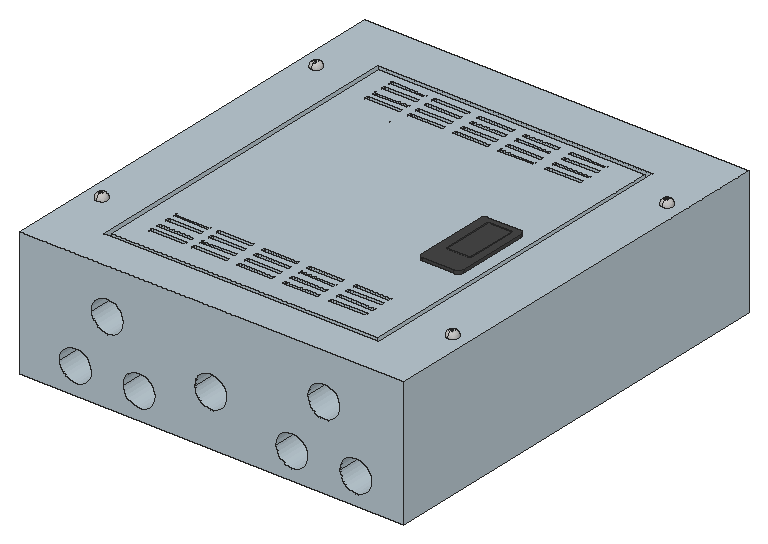
Revit family "3455A_NX_Area_Controller", category Communication Devices, host Face, Revit 2021
Family settings
  Host = Face
  Maintain Annotation Orientation = No
  Round Connector Dimension = Use Diameter
  Part Type = Normal
  OmniClass Number = 23.85.80.11.27
  OmniClass Title = Lighting Controls
  Cut with Voids When Loaded = No
  Shared = Yes
  Room Calculation Point = No
Parameters
  Warranty = "5-Years Warranty"  # constant formula
  Operating Voltage = 120 V
  Type Comments = "Area Controller"  # constant formula
  Product Page URL = ""
  Product Documentation Link = ""
  URL = "https://www.currentlighting.com/nxlightingcontrols"
  Model = "NX Area Controller"  # constant formula
  Manufacturer = " NX Lighting Controls"  # constant formula
  Width = 12.00"
  Washer = Metal-Galvanized_Steel
  Height = 13.50"
  Handle = Metal-Nickel
  Features = "• Real-time programming and monitoring of the NX Distributed\r\nIntelligence Lighting Control System\r\n• No software required—built-in web server provides connection via any\r\nInternet Explorer®-compatible browser\r\n• Local or remote access via the local network or Internet\r\n• Connect multiple users at once\r\n• Integrates NX Lighting Control System and Building Automation\r\nSystem (BAS) via BACnet IP\r\n• Supports 128 areas, 128 zones per area\r\n• NEMA enclosure with locking door\r\n• Five-year limited warranty\r\n• Delivers simplified configuration and control of  Lighting\r\nluminaires using SpectraSync™ color tuning technology"
  Description = "The NX Area Controller provides a simple interface to the NX Distributed Intelligence™ Lighting Control Platform via a personal computer."  # constant formula
  Default Elevation = 48.00"
  Copyright = "Copyright ©  NX Lighting Controls"  # constant formula
  Contact Us = ""
  Housing Material = Metal-Aluminum
  Construction = "NEMA1 metal enclosure"
  Assembly Code = "D5090"
Reference planes (in)
  plane 1 "Center (Front/Back)": y = 10.63342
  plane 2: z = 0
  plane 3 "Center (Left/Right)": x = 0
  plane 4: x = 6
  plane 5: x = -6
  plane 6: y = 3.88342
  plane 7: y = 17.38342
Forms (in)
  Extrusion 1, solid, material "Metal-Aluminum" <- "Housing Material"
    sketch origin (0, 0, 0) x (1, 0, 0) y (0, 1, 0)
      loop
        line (-6, 17.38342) -> (-6, 3.88342) -> (6, 3.88342) -> (6, 17.38342) -> (-6, 17.38342)
    from 0 to 4
  Extrusion 2, void
    sketch origin (0, 0, 0) x (1, 0, 0) y (0, 1, 0)
      loop
        arc (-3.54437, 15.08714) -> (-3.56303, 15.07941) -> (-3.57076, 15.06075) r 0.02639
        line (-3.57076, 15.06075) -> (-3.57076, 14.9965)
        arc (-3.57076, 14.9965) -> (-3.56154, 14.97422) -> (-3.53926, 14.965) r 0.0315
        line (-3.53926, 14.965) -> (-2.50227, 14.965)
        arc (-2.50227, 14.965) -> (-2.47999, 14.97422) -> (-2.47076, 14.9965) r 0.0315
        line (-2.47076, 14.9965) -> (-2.47076, 15.06075)
        arc (-2.47076, 15.06075) -> (-2.4785, 15.07941) -> (-2.49716, 15.08714) r 0.02639
        line (-2.49716, 15.08714) -> (-3.54437, 15.08714)
      loop
        arc (-3.54437, 14.74339) -> (-3.56303, 14.73566) -> (-3.57076, 14.717) r 0.02639
        line (-3.57076, 14.717) -> (-3.57076, 14.65275)
        arc (-3.57076, 14.65275) -> (-3.56154, 14.63047) -> (-3.53926, 14.62125) r 0.0315
        line (-3.53926, 14.62125) -> (-2.50227, 14.62125)
        arc (-2.50227, 14.62125) -> (-2.47999, 14.63047) -> (-2.47076, 14.65275) r 0.0315
        line (-2.47076, 14.65275) -> (-2.47076, 14.717)
        arc (-2.47076, 14.717) -> (-2.4785, 14.73566) -> (-2.49716, 14.74339) r 0.02639
        line (-2.49716, 14.74339) -> (-3.54437, 14.74339)
      loop
        arc (-3.54437, 14.4407) -> (-3.56303, 14.43297) -> (-3.57076, 14.41431) r 0.02639
        line (-3.57076, 14.41431) -> (-3.57076, 14.35006)
        arc (-3.57076, 14.35006) -> (-3.56154, 14.32778) -> (-3.53926, 14.31856) r 0.0315
        line (-3.53926, 14.31856) -> (-2.50227, 14.31856)
        arc (-2.50227, 14.31856) -> (-2.47999, 14.32778) -> (-2.47076, 14.35006) r 0.0315
        line (-2.47076, 14.35006) -> (-2.47076, 14.41431)
        arc (-2.47076, 14.41431) -> (-2.4785, 14.43297) -> (-2.49716, 14.4407) r 0.02639
        line (-2.49716, 14.4407) -> (-3.54437, 14.4407)
      loop
        arc (-3.54437, 15.38983) -> (-3.56303, 15.3821) -> (-3.57076, 15.36344) r 0.02639
        line (-3.57076, 15.36344) -> (-3.57076, 15.29919)
        arc (-3.57076, 15.29919) -> (-3.56154, 15.27691) -> (-3.53926, 15.26769) r 0.0315
        line (-3.53926, 15.26769) -> (-2.50227, 15.26769)
        arc (-2.50227, 15.26769) -> (-2.47999, 15.27691) -> (-2.47076, 15.29919) r 0.0315
        line (-2.47076, 15.29919) -> (-2.47076, 15.36344)
        arc (-2.47076, 15.36344) -> (-2.4785, 15.3821) -> (-2.49716, 15.38983) r 0.02639
        line (-2.49716, 15.38983) -> (-3.54437, 15.38983)
      loop
        arc (-2.20062, 15.08714) -> (-2.21928, 15.07941) -> (-2.22701, 15.06075) r 0.02639
        line (-2.22701, 15.06075) -> (-2.22701, 14.9965)
        arc (-2.22701, 14.9965) -> (-2.21779, 14.97422) -> (-2.19551, 14.965) r 0.0315
        line (-2.19551, 14.965) -> (-1.15852, 14.965)
        arc (-1.15852, 14.965) -> (-1.13624, 14.97422) -> (-1.12701, 14.9965) r 0.0315
        line (-1.12701, 14.9965) -> (-1.12701, 15.06075)
        arc (-1.12701, 15.06075) -> (-1.13475, 15.07941) -> (-1.15341, 15.08714) r 0.02639
        line (-1.15341, 15.08714) -> (-2.20062, 15.08714)
      loop
        arc (-2.20062, 14.74339) -> (-2.21928, 14.73566) -> (-2.22701, 14.717) r 0.02639
        line (-2.22701, 14.717) -> (-2.22701, 14.65275)
        arc (-2.22701, 14.65275) -> (-2.21779, 14.63047) -> (-2.19551, 14.62125) r 0.0315
        line (-2.19551, 14.62125) -> (-1.15852, 14.62125)
        arc (-1.15852, 14.62125) -> (-1.13624, 14.63047) -> (-1.12701, 14.65275) r 0.0315
        line (-1.12701, 14.65275) -> (-1.12701, 14.717)
        arc (-1.12701, 14.717) -> (-1.13475, 14.73566) -> (-1.15341, 14.74339) r 0.02639
        line (-1.15341, 14.74339) -> (-2.20062, 14.74339)
      loop
        arc (-2.20062, 14.4407) -> (-2.21928, 14.43297) -> (-2.22701, 14.41431) r 0.02639
        line (-2.22701, 14.41431) -> (-2.22701, 14.35006)
        arc (-2.22701, 14.35006) -> (-2.21779, 14.32778) -> (-2.19551, 14.31856) r 0.0315
        line (-2.19551, 14.31856) -> (-1.15852, 14.31856)
        arc (-1.15852, 14.31856) -> (-1.13624, 14.32778) -> (-1.12701, 14.35006) r 0.0315
        line (-1.12701, 14.35006) -> (-1.12701, 14.41431)
        arc (-1.12701, 14.41431) -> (-1.13475, 14.43297) -> (-1.15341, 14.4407) r 0.02639
        line (-1.15341, 14.4407) -> (-2.20062, 14.4407)
      loop
        arc (-2.20062, 15.38983) -> (-2.21928, 15.3821) -> (-2.22701, 15.36344) r 0.02639
        line (-2.22701, 15.36344) -> (-2.22701, 15.29919)
        arc (-2.22701, 15.29919) -> (-2.21779, 15.27691) -> (-2.19551, 15.26769) r 0.0315
        line (-2.19551, 15.26769) -> (-1.15852, 15.26769)
        arc (-1.15852, 15.26769) -> (-1.13624, 15.27691) -> (-1.12701, 15.29919) r 0.0315
        line (-1.12701, 15.29919) -> (-1.12701, 15.36344)
        arc (-1.12701, 15.36344) -> (-1.13475, 15.3821) -> (-1.15341, 15.38983) r 0.02639
        line (-1.15341, 15.38983) -> (-2.20062, 15.38983)
      loop
        arc (-0.78868, 15.08714) -> (-0.80735, 15.07941) -> (-0.81508, 15.06075) r 0.02639
        line (-0.81508, 15.06075) -> (-0.81508, 14.9965)
        arc (-0.81508, 14.9965) -> (-0.80585, 14.97422) -> (-0.78358, 14.965) r 0.0315
        line (-0.78358, 14.965) -> (0.25342, 14.965)
        arc (0.25342, 14.965) -> (0.27569, 14.97422) -> (0.28492, 14.9965) r 0.0315
        line (0.28492, 14.9965) -> (0.28492, 15.06075)
        arc (0.28492, 15.06075) -> (0.27719, 15.07941) -> (0.25853, 15.08714) r 0.02639
        line (0.25853, 15.08714) -> (-0.78868, 15.08714)
      loop
        arc (-0.78868, 14.74339) -> (-0.80735, 14.73566) -> (-0.81508, 14.717) r 0.02639
        line (-0.81508, 14.717) -> (-0.81508, 14.65275)
        arc (-0.81508, 14.65275) -> (-0.80585, 14.63047) -> (-0.78358, 14.62125) r 0.0315
        line (-0.78358, 14.62125) -> (0.25342, 14.62125)
        arc (0.25342, 14.62125) -> (0.27569, 14.63047) -> (0.28492, 14.65275) r 0.0315
        line (0.28492, 14.65275) -> (0.28492, 14.717)
        arc (0.28492, 14.717) -> (0.27719, 14.73566) -> (0.25853, 14.74339) r 0.02639
        line (0.25853, 14.74339) -> (-0.78868, 14.74339)
      loop
        arc (-0.78868, 14.4407) -> (-0.80735, 14.43297) -> (-0.81508, 14.41431) r 0.02639
        line (-0.81508, 14.41431) -> (-0.81508, 14.35006)
        arc (-0.81508, 14.35006) -> (-0.80585, 14.32778) -> (-0.78358, 14.31856) r 0.0315
        line (-0.78358, 14.31856) -> (0.25342, 14.31856)
        arc (0.25342, 14.31856) -> (0.27569, 14.32778) -> (0.28492, 14.35006) r 0.0315
        line (0.28492, 14.35006) -> (0.28492, 14.41431)
        arc (0.28492, 14.41431) -> (0.27719, 14.43297) -> (0.25853, 14.4407) r 0.02639
        line (0.25853, 14.4407) -> (-0.78868, 14.4407)
      loop
        arc (-0.78868, 15.38983) -> (-0.80735, 15.3821) -> (-0.81508, 15.36344) r 0.02639
        line (-0.81508, 15.36344) -> (-0.81508, 15.29919)
        arc (-0.81508, 15.29919) -> (-0.80585, 15.27691) -> (-0.78358, 15.26769) r 0.0315
        line (-0.78358, 15.26769) -> (0.25342, 15.26769)
        arc (0.25342, 15.26769) -> (0.27569, 15.27691) -> (0.28492, 15.29919) r 0.0315
        line (0.28492, 15.29919) -> (0.28492, 15.36344)
        arc (0.28492, 15.36344) -> (0.27719, 15.3821) -> (0.25853, 15.38983) r 0.02639
        line (0.25853, 15.38983) -> (-0.78868, 15.38983)
      loop
        arc (0.63084, 15.08714) -> (0.61218, 15.07941) -> (0.60445, 15.06075) r 0.02639
        line (0.60445, 15.06075) -> (0.60445, 14.9965)
        arc (0.60445, 14.9965) -> (0.61367, 14.97422) -> (0.63595, 14.965) r 0.0315
        line (0.63595, 14.965) -> (1.67294, 14.965)
        arc (1.67294, 14.965) -> (1.69522, 14.97422) -> (1.70445, 14.9965) r 0.0315
        line (1.70445, 14.9965) -> (1.70445, 15.06075)
        arc (1.70445, 15.06075) -> (1.69672, 15.07941) -> (1.67805, 15.08714) r 0.02639
        line (1.67805, 15.08714) -> (0.63084, 15.08714)
      loop
        arc (0.63084, 14.74339) -> (0.61218, 14.73566) -> (0.60445, 14.717) r 0.02639
        line (0.60445, 14.717) -> (0.60445, 14.65275)
        arc (0.60445, 14.65275) -> (0.61367, 14.63047) -> (0.63595, 14.62125) r 0.0315
        line (0.63595, 14.62125) -> (1.67294, 14.62125)
        arc (1.67294, 14.62125) -> (1.69522, 14.63047) -> (1.70445, 14.65275) r 0.0315
        line (1.70445, 14.65275) -> (1.70445, 14.717)
        arc (1.70445, 14.717) -> (1.69672, 14.73566) -> (1.67805, 14.74339) r 0.02639
        line (1.67805, 14.74339) -> (0.63084, 14.74339)
      loop
        arc (0.63084, 14.4407) -> (0.61218, 14.43297) -> (0.60445, 14.41431) r 0.02639
        line (0.60445, 14.41431) -> (0.60445, 14.35006)
        arc (0.60445, 14.35006) -> (0.61367, 14.32778) -> (0.63595, 14.31856) r 0.0315
        line (0.63595, 14.31856) -> (1.67294, 14.31856)
        arc (1.67294, 14.31856) -> (1.69522, 14.32778) -> (1.70445, 14.35006) r 0.0315
        line (1.70445, 14.35006) -> (1.70445, 14.41431)
        arc (1.70445, 14.41431) -> (1.69672, 14.43297) -> (1.67805, 14.4407) r 0.02639
        line (1.67805, 14.4407) -> (0.63084, 14.4407)
      loop
        arc (0.63084, 15.38983) -> (0.61218, 15.3821) -> (0.60445, 15.36344) r 0.02639
        line (0.60445, 15.36344) -> (0.60445, 15.29919)
        arc (0.60445, 15.29919) -> (0.61367, 15.27691) -> (0.63595, 15.26769) r 0.0315
        line (0.63595, 15.26769) -> (1.67294, 15.26769)
        arc (1.67294, 15.26769) -> (1.69522, 15.27691) -> (1.70445, 15.29919) r 0.0315
        line (1.70445, 15.29919) -> (1.70445, 15.36344)
        arc (1.70445, 15.36344) -> (1.69672, 15.3821) -> (1.67805, 15.38983) r 0.02639
        line (1.67805, 15.38983) -> (0.63084, 15.38983)
      loop
        arc (2.09512, 15.08714) -> (2.07646, 15.07941) -> (2.06873, 15.06075) r 0.02639
        line (2.06873, 15.06075) -> (2.06873, 14.9965)
        arc (2.06873, 14.9965) -> (2.07796, 14.97422) -> (2.10023, 14.965) r 0.0315
        line (2.10023, 14.965) -> (3.16848, 14.965)
        arc (3.16848, 14.965) -> (3.19075, 14.97422) -> (3.19998, 14.9965) r 0.0315
        line (3.19998, 14.9965) -> (3.19998, 15.06075)
        arc (3.19998, 15.06075) -> (3.19225, 15.07941) -> (3.17358, 15.08714) r 0.02639
        line (3.17358, 15.08714) -> (2.09512, 15.08714)
      loop
        arc (2.09512, 14.74339) -> (2.07646, 14.73566) -> (2.06873, 14.717) r 0.02639
        line (2.06873, 14.717) -> (2.06873, 14.65275)
        arc (2.06873, 14.65275) -> (2.07796, 14.63047) -> (2.10023, 14.62125) r 0.0315
        line (2.10023, 14.62125) -> (3.16848, 14.62125)
        arc (3.16848, 14.62125) -> (3.19075, 14.63047) -> (3.19998, 14.65275) r 0.0315
        line (3.19998, 14.65275) -> (3.19998, 14.717)
        arc (3.19998, 14.717) -> (3.19225, 14.73566) -> (3.17358, 14.74339) r 0.02639
        line (3.17358, 14.74339) -> (2.09512, 14.74339)
      loop
        arc (2.09512, 14.4407) -> (2.07646, 14.43297) -> (2.06873, 14.41431) r 0.02639
        line (2.06873, 14.41431) -> (2.06873, 14.35006)
        arc (2.06873, 14.35006) -> (2.07796, 14.32778) -> (2.10023, 14.31856) r 0.0315
        line (2.10023, 14.31856) -> (3.16848, 14.31856)
        arc (3.16848, 14.31856) -> (3.19075, 14.32778) -> (3.19998, 14.35006) r 0.0315
        line (3.19998, 14.35006) -> (3.19998, 14.41431)
        arc (3.19998, 14.41431) -> (3.19225, 14.43297) -> (3.17358, 14.4407) r 0.02639
        line (3.17358, 14.4407) -> (2.09512, 14.4407)
      loop
        arc (2.09512, 15.38983) -> (2.07646, 15.3821) -> (2.06873, 15.36344) r 0.02639
        line (2.06873, 15.36344) -> (2.06873, 15.29919)
        arc (2.06873, 15.29919) -> (2.07796, 15.27691) -> (2.10023, 15.26769) r 0.0315
        line (2.10023, 15.26769) -> (3.16848, 15.26769)
        arc (3.16848, 15.26769) -> (3.19075, 15.27691) -> (3.19998, 15.29919) r 0.0315
        line (3.19998, 15.29919) -> (3.19998, 15.36344)
        arc (3.19998, 15.36344) -> (3.19225, 15.3821) -> (3.17358, 15.38983) r 0.02639
        line (3.17358, 15.38983) -> (2.09512, 15.38983)
      loop
        line (-3.54437, 6.1797) -> (-2.49716, 6.1797)
        arc (-2.49716, 6.1797) -> (-2.4785, 6.18743) -> (-2.47076, 6.20609) r 0.02639
        line (-2.47076, 6.20609) -> (-2.47076, 6.27034)
        arc (-2.47076, 6.27034) -> (-2.47999, 6.29261) -> (-2.50227, 6.30184) r 0.0315
        line (-2.50227, 6.30184) -> (-3.53926, 6.30184)
        arc (-3.53926, 6.30184) -> (-3.56154, 6.29261) -> (-3.57076, 6.27034) r 0.0315
        line (-3.57076, 6.27034) -> (-3.57076, 6.20609)
        arc (-3.57076, 6.20609) -> (-3.56303, 6.18743) -> (-3.54437, 6.1797) r 0.02639
      loop
        line (-3.54437, 6.52345) -> (-2.49716, 6.52345)
        arc (-2.49716, 6.52345) -> (-2.4785, 6.53118) -> (-2.47076, 6.54984) r 0.02639
        line (-2.47076, 6.54984) -> (-2.47076, 6.61409)
        arc (-2.47076, 6.61409) -> (-2.47999, 6.63636) -> (-2.50227, 6.64559) r 0.0315
        line (-2.50227, 6.64559) -> (-3.53926, 6.64559)
        arc (-3.53926, 6.64559) -> (-3.56154, 6.63636) -> (-3.57076, 6.61409) r 0.0315
        line (-3.57076, 6.61409) -> (-3.57076, 6.54984)
        arc (-3.57076, 6.54984) -> (-3.56303, 6.53118) -> (-3.54437, 6.52345) r 0.02639
      loop
        line (-3.54437, 6.82613) -> (-2.49716, 6.82613)
        arc (-2.49716, 6.82613) -> (-2.4785, 6.83387) -> (-2.47076, 6.85253) r 0.02639
        line (-2.47076, 6.85253) -> (-2.47076, 6.91678)
        arc (-2.47076, 6.91678) -> (-2.47999, 6.93905) -> (-2.50227, 6.94828) r 0.0315
        line (-2.50227, 6.94828) -> (-3.53926, 6.94828)
        arc (-3.53926, 6.94828) -> (-3.56154, 6.93905) -> (-3.57076, 6.91678) r 0.0315
        line (-3.57076, 6.91678) -> (-3.57076, 6.85253)
        arc (-3.57076, 6.85253) -> (-3.56303, 6.83387) -> (-3.54437, 6.82613) r 0.02639
      loop
        line (-3.54437, 5.87701) -> (-2.49716, 5.87701)
        arc (-2.49716, 5.87701) -> (-2.4785, 5.88474) -> (-2.47076, 5.9034) r 0.02639
        line (-2.47076, 5.9034) -> (-2.47076, 5.96765)
        arc (-2.47076, 5.96765) -> (-2.47999, 5.98993) -> (-2.50227, 5.99915) r 0.0315
        line (-2.50227, 5.99915) -> (-3.53926, 5.99915)
        arc (-3.53926, 5.99915) -> (-3.56154, 5.98993) -> (-3.57076, 5.96765) r 0.0315
        line (-3.57076, 5.96765) -> (-3.57076, 5.9034)
        arc (-3.57076, 5.9034) -> (-3.56303, 5.88474) -> (-3.54437, 5.87701) r 0.02639
      loop
        line (-2.20062, 6.1797) -> (-1.15341, 6.1797)
        arc (-1.15341, 6.1797) -> (-1.13475, 6.18743) -> (-1.12701, 6.20609) r 0.02639
        line (-1.12701, 6.20609) -> (-1.12701, 6.27034)
        arc (-1.12701, 6.27034) -> (-1.13624, 6.29261) -> (-1.15852, 6.30184) r 0.0315
        line (-1.15852, 6.30184) -> (-2.19551, 6.30184)
        arc (-2.19551, 6.30184) -> (-2.21779, 6.29261) -> (-2.22701, 6.27034) r 0.0315
        line (-2.22701, 6.27034) -> (-2.22701, 6.20609)
        arc (-2.22701, 6.20609) -> (-2.21928, 6.18743) -> (-2.20062, 6.1797) r 0.02639
      loop
        line (-2.20062, 6.52345) -> (-1.15341, 6.52345)
        arc (-1.15341, 6.52345) -> (-1.13475, 6.53118) -> (-1.12701, 6.54984) r 0.02639
        line (-1.12701, 6.54984) -> (-1.12701, 6.61409)
        arc (-1.12701, 6.61409) -> (-1.13624, 6.63636) -> (-1.15852, 6.64559) r 0.0315
        line (-1.15852, 6.64559) -> (-2.19551, 6.64559)
        arc (-2.19551, 6.64559) -> (-2.21779, 6.63636) -> (-2.22701, 6.61409) r 0.0315
        line (-2.22701, 6.61409) -> (-2.22701, 6.54984)
        arc (-2.22701, 6.54984) -> (-2.21928, 6.53118) -> (-2.20062, 6.52345) r 0.02639
      loop
        line (-2.20062, 6.82613) -> (-1.15341, 6.82613)
        arc (-1.15341, 6.82613) -> (-1.13475, 6.83387) -> (-1.12701, 6.85253) r 0.02639
        line (-1.12701, 6.85253) -> (-1.12701, 6.91678)
        arc (-1.12701, 6.91678) -> (-1.13624, 6.93905) -> (-1.15852, 6.94828) r 0.0315
        line (-1.15852, 6.94828) -> (-2.19551, 6.94828)
        arc (-2.19551, 6.94828) -> (-2.21779, 6.93905) -> (-2.22701, 6.91678) r 0.0315
        line (-2.22701, 6.91678) -> (-2.22701, 6.85253)
        arc (-2.22701, 6.85253) -> (-2.21928, 6.83387) -> (-2.20062, 6.82613) r 0.02639
      loop
        line (-2.20062, 5.87701) -> (-1.15341, 5.87701)
        arc (-1.15341, 5.87701) -> (-1.13475, 5.88474) -> (-1.12701, 5.9034) r 0.02639
        line (-1.12701, 5.9034) -> (-1.12701, 5.96765)
        arc (-1.12701, 5.96765) -> (-1.13624, 5.98993) -> (-1.15852, 5.99915) r 0.0315
        line (-1.15852, 5.99915) -> (-2.19551, 5.99915)
        arc (-2.19551, 5.99915) -> (-2.21779, 5.98993) -> (-2.22701, 5.96765) r 0.0315
        line (-2.22701, 5.96765) -> (-2.22701, 5.9034)
        arc (-2.22701, 5.9034) -> (-2.21928, 5.88474) -> (-2.20062, 5.87701) r 0.02639
      loop
        line (-0.78868, 6.1797) -> (0.25853, 6.1797)
        arc (0.25853, 6.1797) -> (0.27719, 6.18743) -> (0.28492, 6.20609) r 0.02639
        line (0.28492, 6.20609) -> (0.28492, 6.27034)
        arc (0.28492, 6.27034) -> (0.27569, 6.29261) -> (0.25342, 6.30184) r 0.0315
        line (0.25342, 6.30184) -> (-0.78358, 6.30184)
        arc (-0.78358, 6.30184) -> (-0.80585, 6.29261) -> (-0.81508, 6.27034) r 0.0315
        line (-0.81508, 6.27034) -> (-0.81508, 6.20609)
        arc (-0.81508, 6.20609) -> (-0.80735, 6.18743) -> (-0.78868, 6.1797) r 0.02639
      loop
        line (-0.78868, 6.52345) -> (0.25853, 6.52345)
        arc (0.25853, 6.52345) -> (0.27719, 6.53118) -> (0.28492, 6.54984) r 0.02639
        line (0.28492, 6.54984) -> (0.28492, 6.61409)
        arc (0.28492, 6.61409) -> (0.27569, 6.63636) -> (0.25342, 6.64559) r 0.0315
        line (0.25342, 6.64559) -> (-0.78358, 6.64559)
        arc (-0.78358, 6.64559) -> (-0.80585, 6.63636) -> (-0.81508, 6.61409) r 0.0315
        line (-0.81508, 6.61409) -> (-0.81508, 6.54984)
        arc (-0.81508, 6.54984) -> (-0.80735, 6.53118) -> (-0.78868, 6.52345) r 0.02639
      loop
        line (-0.78868, 6.82613) -> (0.25853, 6.82613)
        arc (0.25853, 6.82613) -> (0.27719, 6.83387) -> (0.28492, 6.85253) r 0.02639
        line (0.28492, 6.85253) -> (0.28492, 6.91678)
        arc (0.28492, 6.91678) -> (0.27569, 6.93905) -> (0.25342, 6.94828) r 0.0315
        line (0.25342, 6.94828) -> (-0.78358, 6.94828)
        arc (-0.78358, 6.94828) -> (-0.80585, 6.93905) -> (-0.81508, 6.91678) r 0.0315
        line (-0.81508, 6.91678) -> (-0.81508, 6.85253)
        arc (-0.81508, 6.85253) -> (-0.80735, 6.83387) -> (-0.78868, 6.82613) r 0.02639
      loop
        line (-0.78868, 5.87701) -> (0.25853, 5.87701)
        arc (0.25853, 5.87701) -> (0.27719, 5.88474) -> (0.28492, 5.9034) r 0.02639
        line (0.28492, 5.9034) -> (0.28492, 5.96765)
        arc (0.28492, 5.96765) -> (0.27569, 5.98993) -> (0.25342, 5.99915) r 0.0315
        line (0.25342, 5.99915) -> (-0.78358, 5.99915)
        arc (-0.78358, 5.99915) -> (-0.80585, 5.98993) -> (-0.81508, 5.96765) r 0.0315
        line (-0.81508, 5.96765) -> (-0.81508, 5.9034)
        arc (-0.81508, 5.9034) -> (-0.80735, 5.88474) -> (-0.78868, 5.87701) r 0.02639
      loop
        line (0.63084, 6.1797) -> (1.67805, 6.1797)
        arc (1.67805, 6.1797) -> (1.69672, 6.18743) -> (1.70445, 6.20609) r 0.02639
        line (1.70445, 6.20609) -> (1.70445, 6.27034)
        arc (1.70445, 6.27034) -> (1.69522, 6.29261) -> (1.67294, 6.30184) r 0.0315
        line (1.67294, 6.30184) -> (0.63595, 6.30184)
        arc (0.63595, 6.30184) -> (0.61367, 6.29261) -> (0.60445, 6.27034) r 0.0315
        line (0.60445, 6.27034) -> (0.60445, 6.20609)
        arc (0.60445, 6.20609) -> (0.61218, 6.18743) -> (0.63084, 6.1797) r 0.02639
      loop
        line (0.63084, 6.52345) -> (1.67805, 6.52345)
        arc (1.67805, 6.52345) -> (1.69672, 6.53118) -> (1.70445, 6.54984) r 0.02639
        line (1.70445, 6.54984) -> (1.70445, 6.61409)
        arc (1.70445, 6.61409) -> (1.69522, 6.63636) -> (1.67294, 6.64559) r 0.0315
        line (1.67294, 6.64559) -> (0.63595, 6.64559)
        arc (0.63595, 6.64559) -> (0.61367, 6.63636) -> (0.60445, 6.61409) r 0.0315
        line (0.60445, 6.61409) -> (0.60445, 6.54984)
        arc (0.60445, 6.54984) -> (0.61218, 6.53118) -> (0.63084, 6.52345) r 0.02639
      loop
        line (0.63084, 6.82613) -> (1.67805, 6.82613)
        arc (1.67805, 6.82613) -> (1.69672, 6.83387) -> (1.70445, 6.85253) r 0.02639
        line (1.70445, 6.85253) -> (1.70445, 6.91678)
        arc (1.70445, 6.91678) -> (1.69522, 6.93905) -> (1.67294, 6.94828) r 0.0315
        line (1.67294, 6.94828) -> (0.63595, 6.94828)
        arc (0.63595, 6.94828) -> (0.61367, 6.93905) -> (0.60445, 6.91678) r 0.0315
        line (0.60445, 6.91678) -> (0.60445, 6.85253)
        arc (0.60445, 6.85253) -> (0.61218, 6.83387) -> (0.63084, 6.82613) r 0.02639
      loop
        line (0.63084, 5.87701) -> (1.67805, 5.87701)
        arc (1.67805, 5.87701) -> (1.69672, 5.88474) -> (1.70445, 5.9034) r 0.02639
        line (1.70445, 5.9034) -> (1.70445, 5.96765)
        arc (1.70445, 5.96765) -> (1.69522, 5.98993) -> (1.67294, 5.99915) r 0.0315
        line (1.67294, 5.99915) -> (0.63595, 5.99915)
        arc (0.63595, 5.99915) -> (0.61367, 5.98993) -> (0.60445, 5.96765) r 0.0315
        line (0.60445, 5.96765) -> (0.60445, 5.9034)
        arc (0.60445, 5.9034) -> (0.61218, 5.88474) -> (0.63084, 5.87701) r 0.02639
      loop
        line (2.09512, 6.1797) -> (3.17358, 6.1797)
        arc (3.17358, 6.1797) -> (3.19225, 6.18743) -> (3.19998, 6.20609) r 0.02639
        line (3.19998, 6.20609) -> (3.19998, 6.27034)
        arc (3.19998, 6.27034) -> (3.19075, 6.29261) -> (3.16848, 6.30184) r 0.0315
        line (3.16848, 6.30184) -> (2.10023, 6.30184)
        arc (2.10023, 6.30184) -> (2.07796, 6.29261) -> (2.06873, 6.27034) r 0.0315
        line (2.06873, 6.27034) -> (2.06873, 6.20609)
        arc (2.06873, 6.20609) -> (2.07646, 6.18743) -> (2.09512, 6.1797) r 0.02639
      loop
        line (2.09512, 6.52345) -> (3.17358, 6.52345)
        arc (3.17358, 6.52345) -> (3.19225, 6.53118) -> (3.19998, 6.54984) r 0.02639
        line (3.19998, 6.54984) -> (3.19998, 6.61409)
        arc (3.19998, 6.61409) -> (3.19075, 6.63636) -> (3.16848, 6.64559) r 0.0315
        line (3.16848, 6.64559) -> (2.10023, 6.64559)
        arc (2.10023, 6.64559) -> (2.07796, 6.63636) -> (2.06873, 6.61409) r 0.0315
        line (2.06873, 6.61409) -> (2.06873, 6.54984)
        arc (2.06873, 6.54984) -> (2.07646, 6.53118) -> (2.09512, 6.52345) r 0.02639
      loop
        line (2.09512, 6.82613) -> (3.17358, 6.82613)
        arc (3.17358, 6.82613) -> (3.19225, 6.83387) -> (3.19998, 6.85253) r 0.02639
        line (3.19998, 6.85253) -> (3.19998, 6.91678)
        arc (3.19998, 6.91678) -> (3.19075, 6.93905) -> (3.16848, 6.94828) r 0.0315
        line (3.16848, 6.94828) -> (2.10023, 6.94828)
        arc (2.10023, 6.94828) -> (2.07796, 6.93905) -> (2.06873, 6.91678) r 0.0315
        line (2.06873, 6.91678) -> (2.06873, 6.85253)
        arc (2.06873, 6.85253) -> (2.07646, 6.83387) -> (2.09512, 6.82613) r 0.02639
      loop
        line (2.09512, 5.87701) -> (3.17358, 5.87701)
        arc (3.17358, 5.87701) -> (3.19225, 5.88474) -> (3.19998, 5.9034) r 0.02639
        line (3.19998, 5.9034) -> (3.19998, 5.96765)
        arc (3.19998, 5.96765) -> (3.19075, 5.98993) -> (3.16848, 5.99915) r 0.0315
        line (3.16848, 5.99915) -> (2.10023, 5.99915)
        arc (2.10023, 5.99915) -> (2.07796, 5.98993) -> (2.06873, 5.96765) r 0.0315
        line (2.06873, 5.96765) -> (2.06873, 5.9034)
        arc (2.06873, 5.9034) -> (2.07646, 5.88474) -> (2.09512, 5.87701) r 0.02639
    from 1.86848 to 4
  Extrusion 3, void
    sketch origin (0, 0, 0) x (1, 0, 0) y (0, 1, 0)
      loop
        line (-4.33569, 15.79709) -> (-4.33569, 5.05709) -> (4.28931, 5.05709) -> (4.28931, 15.79709) -> (-4.33569, 15.79709)
      loop
        line (-4.18569, 15.64709) -> (-4.18569, 5.20709) -> (4.13931, 5.20709) -> (4.13931, 15.64709) -> (-4.18569, 15.64709)
    from 3.8 to 4
  Revolve 4, solid, material "Metal-Galvanized_Steel" <- "Washer"
    sketch origin (-5.49589, 13.20879, 0.00038) x (0, 1, 0) y (0, 0, 1)
      loop
        arc (1.79709, 4) -> (1.62439, 4.17271) -> (1.45168, 4) r 0.17271
        line (1.45168, 4) -> (1.79709, 4)
      axis (1.79709, 4) -> (1.45168, 4)
    angle from 0 to 360
  Extrusion 5, void
    sketch origin (0, 0, 0) x (1, 0, 0) y (0, 1, 0)
      loop
        line (-5.56666, 14.89072) -> (-5.5339, 14.83398) -> (-5.59064, 14.80123) -> (-5.56429, 14.75559) -> (-5.50755, 14.78835) -> (-5.4748, 14.73161) -> (-5.42916, 14.75796) -> (-5.46192, 14.8147) -> (-5.40518, 14.84745) -> (-5.43153, 14.89309) -> (-5.48827, 14.86033) -> (-5.52102, 14.91707) -> (-5.56666, 14.89072)
    from 4.1 to 4.2
  Revolve 6, solid, material "Metal-Galvanized_Steel" <- "Washer"
    sketch origin (5.49589, 13.20879, 0.00038) x (0, 1, 0) y (0, 0, -1)
      loop
        line (1.79709, -4) -> (1.45168, -4)
        arc (1.45168, -4) -> (1.62439, -4.17271) -> (1.79709, -4) r 0.17271
      axis (1.79709, -4) -> (1.45168, -4)
    angle from 0 to 360
  Revolve 7, solid, material "Metal-Galvanized_Steel" <- "Washer"
    sketch origin (-5.49589, 12.81805, 0.00038) x (0, -1, 0) y (0, 0, -1)
      loop
        line (6.55709, -4) -> (6.21168, -4)
        arc (6.21168, -4) -> (6.38439, -4.17271) -> (6.55709, -4) r 0.17271
      axis (6.55709, -4) -> (6.21168, -4)
    angle from 0 to 360
  Extrusion 8, void
    sketch origin (0, 26.02684, 0) x (1, 0, 0) y (0, 1, 0)
      loop
        line (-5.56666, -19.65072) -> (-5.52102, -19.67707) -> (-5.48827, -19.62033) -> (-5.43153, -19.65309) -> (-5.40518, -19.60745) -> (-5.46192, -19.5747) -> (-5.42916, -19.51796) -> (-5.4748, -19.49161) -> (-5.50755, -19.54835) -> (-5.56429, -19.51559) -> (-5.59064, -19.56123) -> (-5.5339, -19.59398) -> (-5.56666, -19.65072)
    from 4.1 to 4.2
  Revolve 9, solid, material "Metal-Galvanized_Steel" <- "Washer"
    sketch origin (5.49589, 12.81805, 0.00038) x (0, -1, 0) y (0, 0, 1)
      loop
        arc (6.55709, 4) -> (6.38439, 4.17271) -> (6.21168, 4) r 0.17271
        line (6.21168, 4) -> (6.55709, 4)
      axis (6.55709, 4) -> (6.21168, 4)
    angle from 0 to 360
  Extrusion 10, void
    sketch origin (0, 26.02684, 0) x (-1, 0, 0) y (0, -1, 0)
      loop
        line (-5.56666, 19.65072) -> (-5.5339, 19.59398) -> (-5.59064, 19.56123) -> (-5.56429, 19.51559) -> (-5.50755, 19.54835) -> (-5.4748, 19.49161) -> (-5.42916, 19.51796) -> (-5.46192, 19.5747) -> (-5.40518, 19.60745) -> (-5.43153, 19.65309) -> (-5.48827, 19.62033) -> (-5.52102, 19.67707) -> (-5.56666, 19.65072)
    from 4.1 to 4.2
  Extrusion 11, solid, material "Metal-Nickel" <- "Handle"
    sketch origin (-1.3125, 0.0625, 0) x (1, 0, 0) y (0, 1, 0)
      loop
        arc (3.8865, 11.40475) -> (3.80072, 11.36922) -> (3.76519, 11.28345) r 0.1213
        line (3.76519, 11.28345) -> (3.76519, 8.98882)
        arc (3.76519, 8.98882) -> (3.81375, 8.8716) -> (3.93096, 8.82305) r 0.16577
        line (3.93096, 8.82305) -> (4.88092, 8.82305)
        arc (4.88092, 8.82305) -> (5.00475, 8.87434) -> (5.05605, 8.99818) r 0.17513
        line (5.05605, 8.99818) -> (5.05605, 11.2352)
        arc (5.05605, 11.2352) -> (5.00639, 11.35509) -> (4.8865, 11.40475) r 0.16955
        line (4.8865, 11.40475) -> (3.8865, 11.40475)
    from 4 to 4.08
  Extrusion 12, void
    sketch origin (1, 0, 0) x (1, 0, 0) y (0, 1, 0)
      loop
        line (2.49739, 9.66551) -> (2.49739, 11.23569)
        arc (2.49739, 11.23569) -> (2.48357, 11.26906) -> (2.4502, 11.28288) r 0.04719
        line (2.4502, 11.28288) -> (1.78642, 11.28288)
        arc (1.78642, 11.28288) -> (1.7544, 11.26961) -> (1.74114, 11.23759) r 0.04528
        line (1.74114, 11.23759) -> (1.74114, 9.66859)
        arc (1.74114, 9.66859) -> (1.75526, 9.6345) -> (1.78935, 9.62038) r 0.04822
        line (1.78935, 9.62038) -> (2.45226, 9.62038)
        arc (2.45226, 9.62038) -> (2.48417, 9.6336) -> (2.49739, 9.66551) r 0.04513
      loop
        line (1.75114, 11.23759) -> (1.75114, 9.66859)
        arc (1.75114, 9.66859) -> (1.76233, 9.64157) -> (1.78935, 9.63038) r 0.03822
        line (1.78935, 9.63038) -> (2.45226, 9.63038)
        arc (2.45226, 9.63038) -> (2.4771, 9.64067) -> (2.48739, 9.66551) r 0.03513
        line (2.48739, 9.66551) -> (2.48739, 11.23569)
        arc (2.48739, 11.23569) -> (2.4765, 11.26199) -> (2.4502, 11.27288) r 0.03719
        line (2.4502, 11.27288) -> (1.78642, 11.27288)
        arc (1.78642, 11.27288) -> (1.76147, 11.26254) -> (1.75114, 11.23759) r 0.03528
    from 4 to 4.08
  Sweep 13, solid, material "Metal-Aluminum" <- "Housing Material"
    path origin (1.25, 0, 0) x (1, 0, 0) y (0, 1, 0)
      loop
        line (-3.63069, 13.80709) -> (-3.63069, 6.80709)
    profile origin (-2.38069, 10.30709, 0) x (1, 0, 0) y (0, 0, 1)
      loop
        line (-0.08, 3.90677) -> (0.07, 3.90677)
        arc (0.07, 3.90677) -> (-0.005, 3.98177) -> (-0.08, 3.90677) r 0.075
  Extrusion 14, void
    sketch origin (0, 10.63342, 0) x (1, 0, 0) y (0, 0, 1)
      loop
        circle (-4.26554, 0.84218) r 0.5
      loop
        circle (-2.26554, 0.84218) r 0.5
      loop
        circle (-3.26554, 2.57423) r 0.5
      loop
        circle (4.51554, 0.84218) r 0.5
      loop
        circle (2.51554, 0.84218) r 0.5
      loop
        circle (3.51554, 2.57423) r 0.5
      loop
        circle (-0.02653, 1.60542) r 0.5
    from -6.75 to 6.75
  Extrusion 15, void
    sketch origin (0.00016, 0, 0) x (-1, 0, 0) y (0, -1, 0)
      loop
        line (-5.56666, -14.89072) -> (-5.52102, -14.91707) -> (-5.48827, -14.86033) -> (-5.43153, -14.89309) -> (-5.40518, -14.84745) -> (-5.46192, -14.8147) -> (-5.42916, -14.75796) -> (-5.4748, -14.73161) -> (-5.50755, -14.78835) -> (-5.56429, -14.75559) -> (-5.59064, -14.80123) -> (-5.5339, -14.83398) -> (-5.56666, -14.89072)
    from 4.1 to 4.2
Cuts and joins
  Extrusion 2, Extrusion 3, Extrusion 5, Extrusion 12, Extrusion 14 cuts Extrusion 1
  Extrusion 5, Extrusion 8 cuts Revolve 4
  Extrusion 10, Extrusion 15 cuts Revolve 6
  Extrusion 8 cuts Revolve 7
  Extrusion 10 cuts Revolve 9
  Extrusion 12 cuts Extrusion 11
Dimensions and locks (in)
  "Width": plane 5 to plane 4
  equal spacing: plane 5, plane 3 "Center (Left/Right)", plane 4
  equal spacing: plane 6, plane 1 "Center (Front/Back)", plane 7
  "Height": plane 6 to plane 7
  aligned and locked: plane 2 to host face
  aligned and locked: level to host face
  aligned and locked: Extrusion 14 to plane 7
  aligned and locked: plane 6 to Extrusion 14
Automatic sketch dimensions
  host sketch curve to host sketch curve = 96.00"  (x2)
  Extrusion 1 sketch curve to plane 5 = 0.00"
  Extrusion 1 sketch curve to plane 4 = 0.00"
  plane 6 to Extrusion 1 sketch curve = 0.00"
  plane 7 to Extrusion 1 sketch curve = 0.00"
  Extrusion 3 sketch curve to plane 3 "Center (Left/Right)" = 4.33569"
  Extrusion 3 sketch curve to Extrusion 3 sketch curve = 0.15"  (x4)
  plane 3 "Center (Left/Right)" to Extrusion 3 sketch curve = 4.13931"
  Extrusion 3 sketch curve to plane 6 = 1.17367"
  plane 7 to Extrusion 3 sketch curve = 1.73633"
  plane 7 to Revolve 4 sketch curve = 2.72295"
  Revolve 4 sketch curve to Revolve 4 sketch curve = 0.17271"
  level to Revolve 4 sketch curve = 4.00038"
  Revolve 4 sketch curve to Revolve 4 sketch curve = 1.57552"
  plane 7 to Revolve 4 sketch curve = 0.87754"
  Revolve 4 sketch curve to Revolve 4 sketch curve = 0.00"
  plane 5 to Extrusion 5 sketch curve = 0.40936"
  Extrusion 5 sketch curve to Extrusion 5 sketch curve = 0.02398"  (x2)
  Extrusion 5 sketch curve to Extrusion 5 sketch curve = 0.02635"  (x3)
  Extrusion 5 sketch curve to Extrusion 5 sketch curve = 0.05674"  (x2)
  Extrusion 5 sketch curve to Extrusion 5 sketch curve = 0.04563"  (x3)
  Extrusion 5 sketch curve to Extrusion 5 sketch curve = 0.03276"
  plane 7 to Extrusion 5 sketch curve = 2.65181"
  plane 7 to Revolve 6 sketch curve = 2.72295"
  Revolve 6 sketch curve to Revolve 6 sketch curve = 0.17271"
  level to Revolve 6 sketch curve = 4.00038"
  Revolve 6 sketch curve to Revolve 6 sketch curve = 1.57552"
  plane 7 to Revolve 6 sketch curve = 0.87754"
  Revolve 6 sketch curve to Revolve 6 sketch curve = 0.00"
  Revolve 7 sketch curve to plane 6 = 2.72295"
  Revolve 7 sketch curve to Revolve 7 sketch curve = 0.17271"
  level to Revolve 7 sketch curve = 4.00038"
  Revolve 7 sketch curve to Revolve 7 sketch curve = 1.57552"
  Revolve 7 sketch curve to plane 6 = 0.87754"
  Revolve 7 sketch curve to Revolve 7 sketch curve = 0.00"
  Extrusion 8 sketch curve to plane 5 = 0.40936"
  Extrusion 8 sketch curve to Extrusion 8 sketch curve = 0.02398"  (x2)
  Extrusion 8 sketch curve to Extrusion 8 sketch curve = 0.02635"  (x3)
  Extrusion 8 sketch curve to Extrusion 8 sketch curve = 0.05674"  (x2)
  Extrusion 8 sketch curve to Extrusion 8 sketch curve = 0.04563"  (x3)
  Extrusion 8 sketch curve to Extrusion 8 sketch curve = 0.03276"
  plane 6 to Extrusion 8 sketch curve = 2.65181"
  Revolve 9 sketch curve to plane 6 = 2.72295"
  Revolve 9 sketch curve to Revolve 9 sketch curve = 0.17271"
  level to Revolve 9 sketch curve = 4.00038"
  Revolve 9 sketch curve to Revolve 9 sketch curve = 1.57552"
  Revolve 9 sketch curve to plane 6 = 0.87754"
  Revolve 9 sketch curve to Revolve 9 sketch curve = 0.00"
  Extrusion 10 sketch curve to plane 4 = 0.40936"
  Extrusion 10 sketch curve to Extrusion 10 sketch curve = 0.02398"  (x2)
  Extrusion 10 sketch curve to Extrusion 10 sketch curve = 0.02635"  (x3)
  Extrusion 10 sketch curve to Extrusion 10 sketch curve = 0.05674"  (x2)
  Extrusion 10 sketch curve to Extrusion 10 sketch curve = 0.04563"  (x3)
  Extrusion 10 sketch curve to Extrusion 10 sketch curve = 0.03276"
  Extrusion 10 sketch curve to plane 6 = 2.65181"
  Extrusion 12 sketch curve to Extrusion 12 sketch curve = 0.00"  (x8)
  plane 1 "Center (Front/Back)" to Extrusion 12 sketch curve = 0.96483"
  plane 3 "Center (Left/Right)" to Extrusion 12 sketch curve = 2.74114"
  Extrusion 12 sketch curve to Extrusion 12 sketch curve = 0.01"
  Extrusion 12 sketch curve to Extrusion 12 sketch curve = 0.03528"
  Extrusion 12 sketch curve to Extrusion 12 sketch curve = 0.03822"
  Extrusion 12 sketch curve to Extrusion 12 sketch curve = 0.66378"
  Extrusion 12 sketch curve to Extrusion 12 sketch curve = 0.66291"
  Extrusion 12 sketch curve to Extrusion 12 sketch curve = 0.03513"
  Extrusion 12 sketch curve to plane 1 "Center (Front/Back)" = 0.60227"
  profile plane to Sweep 13 sketch curve = 0.08"
  profile plane to Sweep 13 sketch curve = 0.005"
  level to Sweep 13 sketch curve = 3.90677"
  level to Extrusion 14 sketch curve = 0.84218"  (x4)
  plane 5 to Extrusion 14 sketch curve = 1.73446"
  Extrusion 14 sketch curve to Extrusion 14 sketch curve = 1.00"  (x2)
  Extrusion 14 sketch curve to Extrusion 14 sketch curve = 2.00"
  Extrusion 14 sketch curve to plane 3 "Center (Left/Right)" = 0.02653"
  plane 3 "Center (Left/Right)" to Extrusion 14 sketch curve = 2.51554"
  Extrusion 14 sketch curve to plane 4 = 1.48446"
  level to Extrusion 14 sketch curve = 1.60542"
  Extrusion 14 sketch curve to Extrusion 14 sketch curve = 1.73205"  (x2)
  plane 4 to Extrusion 15 sketch curve = 0.40921"
  Extrusion 15 sketch curve to Extrusion 15 sketch curve = 0.02398"  (x2)
  Extrusion 15 sketch curve to Extrusion 15 sketch curve = 0.02635"  (x3)
  Extrusion 15 sketch curve to Extrusion 15 sketch curve = 0.05674"  (x2)
  Extrusion 15 sketch curve to Extrusion 15 sketch curve = 0.04563"  (x3)
  Extrusion 15 sketch curve to Extrusion 15 sketch curve = 0.03276"
  Extrusion 15 sketch curve to plane 7 = 2.65181"
  plane 3 "Center (Left/Right)" to Extrusion 11 sketch curve = 2.45269"
  Extrusion 11 sketch curve to Extrusion 11 sketch curve = 0.1213"
  Extrusion 11 sketch curve to Extrusion 11 sketch curve = 0.16577"
  Extrusion 11 sketch curve to Extrusion 11 sketch curve = 0.94996"
  Extrusion 11 sketch curve to Extrusion 11 sketch curve = 1.00"
  Extrusion 11 sketch curve to Extrusion 11 sketch curve = 0.17513"
  plane 1 "Center (Front/Back)" to Extrusion 11 sketch curve = 1.74787"
  Extrusion 11 sketch curve to plane 1 "Center (Front/Back)" = 0.66428"
  plane 5 to Extrusion 2 sketch curve = 2.42924"  (x2)
  Extrusion 2 sketch curve to Extrusion 2 sketch curve = 0.00"  (x44)
  Extrusion 2 sketch curve to Extrusion 2 sketch curve = 0.02639"  (x64)
  Extrusion 2 sketch curve to Extrusion 2 sketch curve = 0.0315"  (x64)
  Extrusion 2 sketch curve to Extrusion 2 sketch curve = 1.03699"  (x6)
  Extrusion 2 sketch curve to Extrusion 2 sketch curve = 0.00511"  (x40)
  Extrusion 2 sketch curve to Extrusion 2 sketch curve = 0.24375"  (x7)
  Extrusion 2 sketch curve to Extrusion 2 sketch curve = 0.31194"  (x4)
  plane 3 "Center (Left/Right)" to Extrusion 2 sketch curve = 0.25342"  (x8)
  Extrusion 2 sketch curve to Extrusion 2 sketch curve = 0.31953"  (x4)
  Extrusion 2 sketch curve to Extrusion 2 sketch curve = 0.36428"  (x3)
  Extrusion 2 sketch curve to Extrusion 2 sketch curve = 1.06824"  (x2)
  Extrusion 2 sketch curve to plane 6 = 1.99359"
  Extrusion 2 sketch curve to Extrusion 2 sketch curve = 0.06425"  (x40)
  Extrusion 2 sketch curve to Extrusion 2 sketch curve = 0.18054"  (x20)
  Extrusion 2 sketch curve to Extrusion 2 sketch curve = 0.2216"  (x10)
  plane 7 to Extrusion 2 sketch curve = 3.06486"
  radius of Extrusion 14 sketch curve = 0.50"  (x7)
Connectors (in)
  electrical at (0, 10.63342, 0)
    settings: on cut or joined group of Extrusion 1, Extrusion 2, Extrusion 3, Extrusion 5, Extrusion 12, Extrusion 14, index 1, voltage 0 V, apparent load 0 VA, apparent load phase1 0 VA, apparent load phase2 0 VA, apparent load phase3 0 VA, power factor 1, load classification "Other", number of poles 1, system type 13, power factor state 1, is connector primary yes, connector utility no, sub classification motor no, connector description ""
